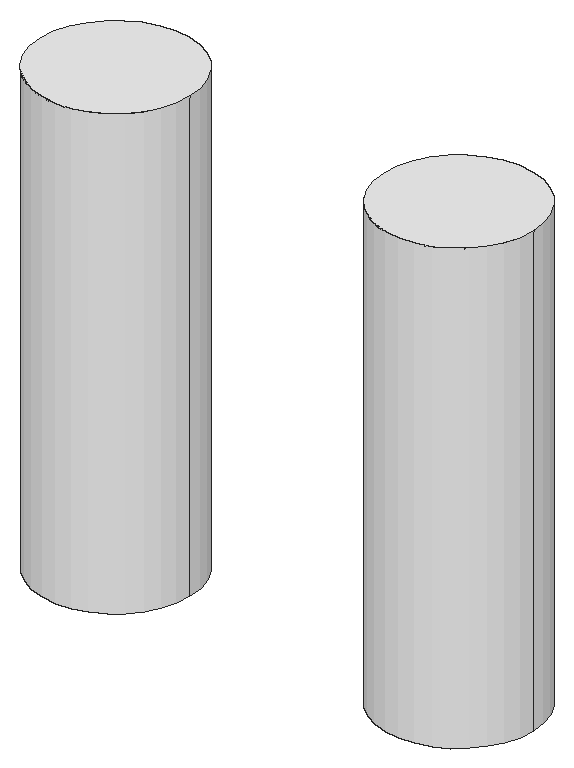
Revit family "93202219(2023)", category Plumbing Fixtures, Revit 2020
Family settings
  Round Connector Dimension = Use Diameter
  Part Type = Normal
  OmniClass Number = 23.45.55.00
  OmniClass Title = Sanitary Faucets, Wastes
  Work Plane-Based = No
  Always vertical = Yes
  Cut with Voids When Loaded = No
  Shared = No
  Room Calculation Point = No
Parameters (values of type "93202219 HANSAELECTRA")
  Working Pressure = "100 - 1000 kPa"
  WarrantyStartDate [instance] = "n/a"
  WarrantyGuarantorParts = "n/a"
  WarrantyGuarantorLabor = "n/a"
  WarrantyDurationUnit = "Year"
  WarrantyDurationParts = "n/a"
  WarrantyDurationLabor = "n/a"
  WarrantyDescription = "http://warranty.hansa.com"
  Warranty Information URL = "http://warranty.hansa.com"
  VersionDate = "20/02/2024"
  Version = "1"
  ValvePattern = "n/a"
  ValveOperation = "n/a"
  ValveMechanism = "n/a"
  Uniclass2015Reference = "Pr_40_20_87_96"
  Uniclass2015Description = "Washbasin manual water supply sets"
  Uniclass2 = "Pr_40_30_96_96"
  URL WEEE = "http://static.hansa.com/WEEE/93202219"
  URL REACH = "http://static.hansa.com/doc/reach"
  URL Materials Declaration = "http://www.hansa.com/fileadmin/resources/188793_93202219_materialsdeclaration.pdf"
  URL Environmental Product Declaration EPD = "http://www.hansa.com/fileadmin/resources/189536_Oras Group EPD_Touchless composite washbasin faucet.pdf"
  URL EcoLabel Declaration = "http://static.hansa.com/doc/EcoLabel"
  URL EU Packaging Declaration = "http://static.hansa.com/doc/packaging"
  URL Declaration of SCIP = "http://static.hansa.com/doc/SCIP"
  URL Declaration of Conformity = "http://static.hansa.com/DoC/93202219"
  URL Declaration of Asbestos = "http://static.hansa.com/doc/asbestos"
  URL Declaration Of Performance (DOP) = "http://static.hansa.com/doc/DoP"
  URL = ""
  UNSPSC Class Number = "30181700 Faucets or taps"
  Type Comments = ""
  TestPressure = "n/a"
  Temperature Adjustments = "Adjustable hot water stop (included, retrofittable);"
  Technical DataSheet URL = "http://www.hansa.com/datasheet/93202219/en"
  TagNumber [instance] = "n/a"
  SustainabilityPerformance = "n/a"
  Surface treatment = "Chrome"
  Spout Type = "Fixed spout"
  Spout Projection = "118 mm"
  Size = "70x165x190 mm"
  Short Marketing = "Electra 93 series is giving you a whole new modern design with its rounded square body and spout giving you new fresh and updated design.\nThe tall design compliments the new trends of modern bathroom of more square design and shallow sinks, where the extra height gives you more comfortable usage.\n\nKey Features\nAerator with Tilt function +/- 10° for more flexible installation\nNewest Sensor technology for better detection and operation comfort\nBluetooth technology for easy adjustment to personalize settings \nAntiscalding protection\nTemperature measurement\nDigital Network Service\nBattery inside body and power cable option"
  Shape = "Sculptured"
  SerialNumber [instance] = "n/a"
  Sales Package dimensions (LxWxH) = "568 x 182 x 78"
  Revision = "n/a"
  ReplacementCost = "n/a"
  Protection Class = "IP 55"
  ProductInformation = "n/a"
  Product URL = "http://static.hansa.com/93202219"
  Product Image URL = "http://static.hansa.com/image/93202219"
  Product Family = "Digital Touchless;Battery-operated;External transformer;Bluetooth®;Lead free"
  Product Code = "93202219"
  OperatingMechanismMaterial = "n/a"
  Operating Voltage = 9 V
  Operating Distance = "20-130 mm (110/130/160 mm)"
  NominalWidth = 67.722 mm
  NominalHeight = 190 mm
  NominalDepth = 163.081 mm
  Noise Class = "I (ISO 3822) "
  Name_en = "93202219 HANSAELECTRA"
  Name = "93202219 HANSAELECTRA"
  NBSReference = "45-35-70/371"
  NBSDescription = "Water supply fittings for wash basins and troughs"
  Mounting Holes = "1 hole"
  ModelReference = "93202219"
  ModelNumber = "n/a"
  Model = "93202219 HANSAELECTRA"
  Mobile Product Information URL = "http://mpi.hansa.com/93202219"
  Mechanical Parts = "Mixing valve for manual temperature control;Non-return valve(s);Litter filter(s)"
  Max. Hot Water Supply = 70 °C
  Max Flow Period = "2 min (1 - 1800 s)"
  Material = "Composite"
  Market = "International;Germany;Austria;Switzerland;Belgium;Netherlands;Italy"
  ManufacturerURL = "http://www.hansa.com"
  ManufacturerName = "HANSA"
  Manufacturer = "HANSA"
  Long Marketing = "Bluetooth Touchless faucet with tilt aerator. +/- 10° adjustment option.\nEasy grip temperature lever for good grip and easy adjustment. \nSMART intelligent bluetooth sensor with 3 optical lenses for improved performance supported by app connection for personalized and easy adjustment of sensor settings.\nSupports Digital Network Service for remote monitoring and communication.\nIntelligent temperature measurement and intelligent Antiscalding protection.\nMetal free waterways due to high pressure composite construction and easy installation due to fast and easy 3S installation system."
  Lever Handle = "Temperature control handle"
  Keynote = ""
  Interactive AR View URL = "https://static.hansa.com/AR/93202219"
  InstallationDate [instance] = "n/a"
  Installation and Maintenance Guide URL = "http://static.hansa.com/manual/93202219"
  Installation Type = "Deck mounted"
  InletConnectionSize = 10 mm
  IfcExportType = "FAUCET"  # constant formula
  IfcExportAs = "IfcValveType"  # constant formula
  Group = "Sales item"
  Grade = "n/a"
  FlowCoefficient = 0
  Finish = "Polished"
  Features = "Washbasin faucet"
  FaucetMainMaterial = Brass
  FDV Document URL = "http://www.hansa.com/datasheet/93202219/en/fdv"
  ExpectedLife = "n/a"
  Electronic Parts = ";Light indicated function(s);Low battery indicator"
  Electrical Connection = "9 V"
  ETIM Class Number = "EC010340 Electronic tap"
  EN Standard = "EN 15091,\nETSI EN 301 489-1 V1.9.2 , \nETSI EN 300 328 v2.2.2 , \nEN 61000-6-1:2007 , \nEN 61000-6-3:2007+A1:2011+AC:2012 , \nEN 60335-1:2012+A11+A13+A1+A14+A2+A15:2021, Part 19.11.4"
  EMC Directive = "Radio Equipment Directive 2014/53/EU , \nLow Voltage Directive 2014/35/EU , \nEMC Directive 2014/30/EU , \nRoHS Directive 2011/65/EU"
  EAN Number = "4057304019562"
  DurationUnit = "Year"
  Dimension Drawing URL = "http://static.hansa.com/dimdrw/93202219"
  Description = ""
  DefaultElevation [instance] = 900 mm
  Default Elevation = 0 mm
  Constituents = "n/a"
  Connection Size = "G3/8"
  Connection = "Flexible inlet pipes"
  Color = "Chrome"
  CodePerformance = "n/a"
  CloseOffRating = 0
  Catalog Drawing URL = "http://static.hansa.com/catdrw/93202219"
  CO2 Emissions (D) = -0.65
  CO2 Emissions (C4) = 0.83
  CO2 Emissions (C3) = 0
  CO2 Emissions (C2) = 0.01
  CO2 Emissions (A4) = 0.14
  CO2 Emissions (A1-A3) = 3.48
  Brand = "HANSA"
  BodyMaterial = "Brass"
  Bluetooth = "5.x (D060576)"
  Battery = "AA 1.5 V Lithium x 2"
  Barcode [instance] = "n/a"
  Backflow Prevention EN1717 = "EB"
  BIMObjectName = "93202219(2023)"
  Automatic Flush Period = "30 s (1-1800 s)"
  Automatic Flush Frequency = "off (off/1-120 h)"
  Author = "BIMStone"
  AssetType = "Fixed"
  AssetIdentifier [instance] = "n/a"
  Afterflow Period = "3 s (1-20 s)"
  Aerator = "PCA® - constant flow rate regardless of pressure variations;Adjustable flow angle"
  Advanced Features = "3S-installation system for safe and simple mounting;Software settings adjustable via App"
  AccessibilityPerformance = "n/a"
  3D View = "https://static.hansa.com/AR/93202219"
  2D/3D/BIM Files URL = "http://static.hansa.com/bim/93202219"
Reference planes
  plane 1 "Center (Front/Back)": y = 0
  plane 2: z = 0
  plane 3 "Center (Left/Right)": x = 0
  plane 4: x = -27.304
  plane 5: z = 900
  plane 6: z = 870
  plane 7: y = -163.081
  plane 8: x = 27.304
  plane 9: z = 1090
  plane 10: x = 40.417
Forms (mm)
  Extrusion 1, solid, material "Brass" <- "FaucetMainMaterial"
    sketch origin (0, -2.393, 0) x (1, 0, 0) y (0, 1, 0)
      loop
        circle (-11.5, -22.5) r 5
      loop
        circle (11.5, -22.5) r 5
    from 870 to 900
Dimensions and locks
  "DefaultElevation": plane 5 to level
  locked: plane 5 to plane 6 at 30
  "NominalDepth": plane 7 to plane 1 "Center (Front/Back)"
  equal spacing: plane 4, plane 3 "Center (Left/Right)", plane 8
  "NominalHeight": plane 9 to plane 5
  locked: plane 8 to plane 10 at 13.113
  "NominalWidth": plane 4 to plane 10
  "InletConnectionSize": diameter of Extrusion 1 sketch curve  (x2)
  aligned and locked: level to plane 2
  aligned and locked: plane 5 to Extrusion 1
  aligned and locked: Extrusion 1 to plane 6
  aligned and locked: plane 1 "Center (Front/Back)" to nested 2
  aligned and locked: plane 3 "Center (Left/Right)" to nested 2
  aligned and locked: plane 3 "Center (Left/Right)" to nested 1
  aligned and locked: plane 1 "Center (Front/Back)" to nested 1
  aligned and locked: plane 5 to nested 2
Automatic sketch dimensions
  Extrusion 1 sketch curve to plane 3 "Center (Left/Right)" = 11.5 mm
  plane 3 "Center (Left/Right)" to Extrusion 1 sketch curve = 11.5 mm
  plane 1 "Center (Front/Back)" to Extrusion 1 sketch curve = 24.893 mm
  Extrusion 1 sketch curve to Extrusion 1 sketch curve = 0 mm
Nested families
  nested 1: "Symbol" at (0, 0, 0), type "Symbol", detail levels coarse
  nested 2: "93202219(2023)_Body" at (0, 0, 900), Material <- "FaucetMainMaterial", type "93202219(2023)_Body"
    with Material Brass
Connectors
  piping at (-11.5, -24.893, 870), diameter 10, driven by "InletConnectionSize"
    settings: on Extrusion 1, index 1, connector inside diameter 609.6 mm, connector length 0 mm, flow factor 0, pipe flow 0.2 L/s, pressure drop 0.0 Pa, fitting loss kfactor 0, connector angle 0.00°, fixture units 0, engagement length 0 mm, angle of deflection 0.00°, flow configuration 1, flow direction 1, fitting loss method 0, system type 19, joint type 0, gender type 0, connector reference index -1, connector utility 0, adjustable connector no, is connector primary yes, connector description ""
  piping at (11.5, -24.893, 870), diameter 10, driven by "InletConnectionSize"
    settings: on Extrusion 1, index 2, connector inside diameter 609.6 mm, connector length 0 mm, flow factor 0, pipe flow 0.2 L/s, pressure drop 0.0 Pa, fitting loss kfactor 0, connector angle 0.00°, fixture units 0, engagement length 0 mm, angle of deflection 0.00°, flow configuration 1, flow direction 1, fitting loss method 0, system type 20, joint type 0, gender type 0, connector reference index -1, connector utility 0, adjustable connector no, is connector primary no, connector description ""
Definition of nested family "Symbol"
  Reference planes
    plane 1: y = 0
    plane 2: x = 0
  Lines and regions (mm)
    detail lines
      curve 1: line (0, 0, 0) -> (0, -1.8, 0)
      curve 2: line (-0.4, -1.1, 0) -> (0.4, -1.1, 0)
      curve 3: line (-0.4, -1.4, 0) -> (0.4, -1.4, 0)
      curve 4: line (0.863, 0, 0) -> (-0.863, 0, 0)
      curve 5: circle (-1.163, 0, 0) r 0.3 normal (0, 0, -1)
      curve 6: circle (1.163, 0, 0) r 0.3 normal (0, 0, 1)
